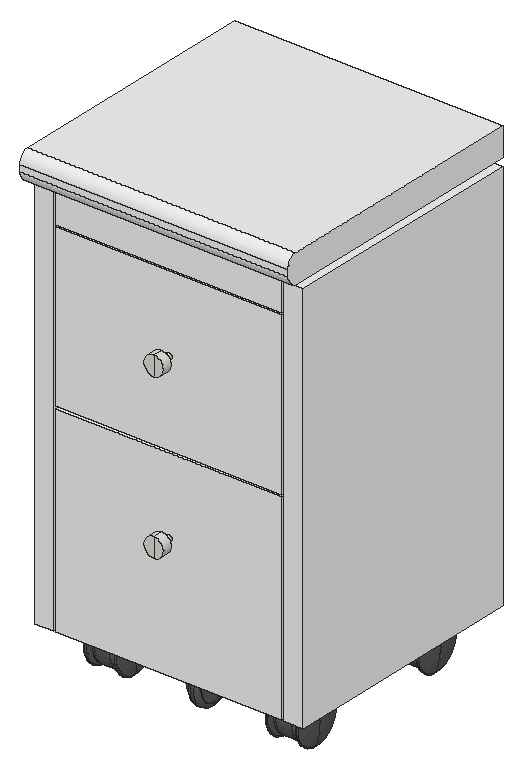
Revit family
Parameters (values of type "DB 3020N 02 W515*D550*H700")
  폭 = 281 mm
  Assembly Code = ""
  Manufacturer = "Livart"
  Model = "DB 3020N"
  wheel support material = many gray plastic
  wheel material = many gray plastic
  upper face material = 스틸-그릴
  side material = 스틸-그릴
  knob material = Chrome, 2
  face material = 스틸-그릴
  drawer material = 스틸-그릴
  Width = 280 mm
  Height = 500 mm
Reference planes
  plane 1 "중심(앞/뒤)": y = 0
  plane 2: z = 0
  plane 3 "중심(왼쪽/오른쪽)": x = 0
  plane 4: y = 140.5
  plane 5: y = -140.5
  plane 6: x = -140
  plane 7: x = 140
  plane 8: z = 500
  plane 9: x = -120
  plane 10: x = 120
  plane 11: z = 470
  plane 12: z = 430
  plane 13: z = 50
  plane 14: z = 70
  plane 15: y = 130.5
  plane 16: y = 123.5
  plane 17: y = -120.5
  plane 18: z = 431
  plane 19: z = 429
  plane 20: z = 260
  plane 21: z = 261
  plane 22: z = 259
  plane 23: x = -118
  plane 24: x = 118
  plane 25: y = -102.5
Forms (mm)
  Extrusion 1, solid, material "스틸-그릴" <- "side material"
    sketch origin (0, 0, 0) x (1, 0, 0) y (0, 1, 0)
      loop
        line (-140, 140.5) -> (-140, -120.5) -> (-120, -120.5) -> (-120, 140.5) -> (-140, 140.5)
    from 50 to 470
  Extrusion 2, solid, material "스틸-그릴" <- "side material"
    sketch origin (0, 0, 0) x (-1, 0, 0) y (0, -1, 0)
      loop
        line (-140, -140.5) -> (-120, -140.5) -> (-120, 120.5) -> (-140, 120.5) -> (-140, -140.5)
    from 50 to 461.547
  Extrusion 3, solid, material "스틸-그릴" <- "face material"
    sketch origin (0, 0, 0) x (1, 0, 0) y (0, 1, 0)
      loop
        line (-120, 130.5) -> (-120, 123.5) -> (120, 123.5) -> (120, 130.5) -> (-120, 130.5)
    from 70 to 470
  Extrusion 4, solid, material "스틸-그릴" <- "upper face material"
    sketch origin (0, 0, 0) x (0, 1, 0) y (0, 0, 1)
      loop
        line (140.5, 70) -> (-102.5, 70) -> (-102.5, 50) -> (140.5, 50) -> (140.5, 70)
    from -120 to 120
  Extrusion 5, solid, material "스틸-그릴" <- "upper face material"
    sketch origin (0, 0, 0) x (0, 1, 0) y (0, 0, 1)
      loop
        line (140.5, 500) -> (-130.5, 500)
        arc (-130.5, 500) -> (-137.76, 495.804) -> (-140.5, 487.88) r 12
        line (-140.5, 487.88) -> (-140.5, 481.88)
        arc (-140.5, 481.88) -> (-137.681, 474.104) -> (-130.5, 470) r 12
        line (-130.5, 470) -> (140.5, 470) -> (140.5, 500)
    from -140 to 140
  Extrusion 6, solid, material "스틸-그릴" <- "drawer material"
    sketch origin (0, 0, 0) x (1, 0, 0) y (0, 0, 1)
      loop
        line (-118, 429) -> (-118, 261) -> (118, 261) -> (118, 429) -> (-118, 429)
    from 102.5 to 120.5
  Extrusion 7, solid, material "스틸-그릴" <- "drawer material"
    sketch origin (0, 0, 820) x (1, 0, 0) y (0, 0, 1)
      loop
        line (-118, -770) -> (118, -770) -> (118, -561) -> (-118, -561) -> (-118, -770)
    from 102.5 to 120.5
  Extrusion 8, solid, material "스틸-그릴" <- "drawer material"
    sketch origin (0, 0, 1158) x (1, 0, 0) y (0, 0, 1)
      loop
        line (-118, -727) -> (118, -727) -> (118, -696.453) -> (-118, -696.453) -> (-118, -727)
    from 102.5 to 120.5
  Revolve 9, solid, material "many gray plastic" <- "wheel material"
    sketch origin (-13.917, -67.316, 0) x (1, 0, 0) y (0, 0, 1)
      loop
        arc (-98.023, 49.222) -> (-100.622, 37.235) -> (-101.495, 25) r 86.232
        line (-101.495, 25) -> (-93.434, 25)
        arc (-93.434, 25) -> (-93.954, 37.155) -> (-95.509, 49.222) r 142.408
        arc (-95.509, 49.222) -> (-96.058, 49.741) -> (-96.766, 50) r 1.868
        arc (-96.766, 50) -> (-97.475, 49.741) -> (-98.023, 49.222) r 1.868
      loop
        arc (-63.842, 49.222) -> (-64.39, 49.741) -> (-65.098, 50) r 1.868
        arc (-65.098, 50) -> (-65.807, 49.741) -> (-66.355, 49.222) r 1.868
        arc (-66.355, 49.222) -> (-67.911, 37.155) -> (-68.43, 25) r 142.408
        line (-68.43, 25) -> (-60.37, 25)
        arc (-60.37, 25) -> (-61.242, 37.235) -> (-63.842, 49.222) r 86.232
      axis (-101.495, 25) -> (-60.37, 25)
    angle from 0 to 360
  Revolve 10, solid, material "many gray plastic" <- "wheel support material"
    sketch origin (-13.917, -67.316, 0) x (1, 0, 0) y (0, 0, 1)
      loop
        line (-93.434, 25) -> (-68.43, 25) -> (-68.43, 42.425)
        arc (-68.43, 42.425) -> (-69.709, 45.513) -> (-72.798, 46.793) r 4.368
        line (-72.798, 46.793) -> (-89.067, 46.793)
        arc (-89.067, 46.793) -> (-92.155, 45.513) -> (-93.434, 42.425) r 4.368
        line (-93.434, 42.425) -> (-93.434, 25)
      axis (-93.434, 25) -> (-68.43, 25)
    angle from 0 to 360
  Revolve 11, solid, material "many gray plastic" <- "wheel support material"
    sketch origin (173.581, -68.439, -3.207) x (1, 0, 0) y (0, 0, 1)
      loop
        line (-179.432, 25) -> (-167.432, 25) -> (-167.432, 42.425)
        arc (-167.432, 42.425) -> (-168.712, 45.513) -> (-171.8, 46.793) r 4.368
        line (-171.8, 46.793) -> (-175.065, 46.793)
        arc (-175.065, 46.793) -> (-178.153, 45.513) -> (-179.432, 42.425) r 4.368
        line (-179.432, 42.425) -> (-179.432, 25)
      axis (-179.432, 25) -> (-167.432, 25)
    angle from 0 to 360
  Extrusion 12, solid, material "many gray plastic" <- "wheel material"
    sketch origin (6.148, -205.519, 0) x (0, 1, 0) y (0, 0, 1)
      loop
        line (151.61, 50) -> (111.93, 50) -> (119.336, 17.921)
        arc (119.336, 17.921) -> (131.77, 8.53) -> (144.204, 17.921) r 12.927
        line (144.204, 17.921) -> (151.61, 50)
      loop
        circle (131.58, 20.388) r 3.987
    from 0 to 2
  Extrusion 13, solid, material "many gray plastic" <- "wheel material"
    sketch origin (-5.852, -205.519, 0) x (0, 1, 0) y (0, 0, -1)
      loop
        line (151.61, -50) -> (144.204, -17.921)
        arc (144.204, -17.921) -> (131.77, -8.53) -> (119.336, -17.921) r 12.927
        line (119.336, -17.921) -> (111.93, -50) -> (151.61, -50)
      loop
        circle (131.58, -20.388) r 3.987
    from 0 to 2
  Revolve 14, solid, material "many gray plastic" <- "wheel material"
    sketch origin (13.917, -67.316, 0) x (-1, 0, 0) y (0, 0, -1)
      loop
        arc (-98.023, -49.222) -> (-97.475, -49.741) -> (-96.766, -50) r 1.868
        arc (-96.766, -50) -> (-96.058, -49.741) -> (-95.509, -49.222) r 1.868
        arc (-95.509, -49.222) -> (-93.954, -37.155) -> (-93.434, -25) r 142.408
        line (-93.434, -25) -> (-101.495, -25)
        arc (-101.495, -25) -> (-100.622, -37.235) -> (-98.023, -49.222) r 86.232
      loop
        arc (-63.842, -49.222) -> (-61.242, -37.235) -> (-60.37, -25) r 86.232
        line (-60.37, -25) -> (-68.43, -25)
        arc (-68.43, -25) -> (-67.911, -37.155) -> (-66.355, -49.222) r 142.408
        arc (-66.355, -49.222) -> (-65.807, -49.741) -> (-65.098, -50) r 1.868
        arc (-65.098, -50) -> (-64.39, -49.741) -> (-63.842, -49.222) r 1.868
      axis (-101.495, -25) -> (-60.37, -25)
    angle from 0 to 360
  Revolve 15, solid, material "many gray plastic" <- "wheel support material"
    sketch origin (13.917, -67.316, 0) x (-1, 0, 0) y (0, 0, -1)
      loop
        line (-93.434, -25) -> (-93.434, -42.425)
        arc (-93.434, -42.425) -> (-92.155, -45.513) -> (-89.067, -46.793) r 4.368
        line (-89.067, -46.793) -> (-72.798, -46.793)
        arc (-72.798, -46.793) -> (-69.709, -45.513) -> (-68.43, -42.425) r 4.368
        line (-68.43, -42.425) -> (-68.43, -25) -> (-93.434, -25)
      axis (-93.434, -25) -> (-68.43, -25)
    angle from 0 to 360
  Revolve 16, solid, material "many gray plastic" <- "wheel material"
    sketch origin (13.917, 89.931, 0) x (-1, 0, 0) y (0, 0, 1)
      loop
        arc (-98.023, 49.222) -> (-100.622, 37.235) -> (-101.495, 25) r 86.232
        line (-101.495, 25) -> (-93.434, 25)
        arc (-93.434, 25) -> (-93.954, 37.155) -> (-95.509, 49.222) r 142.408
        arc (-95.509, 49.222) -> (-96.058, 49.741) -> (-96.766, 50) r 1.868
        arc (-96.766, 50) -> (-97.475, 49.741) -> (-98.023, 49.222) r 1.868
      loop
        arc (-63.842, 49.222) -> (-64.39, 49.741) -> (-65.098, 50) r 1.868
        arc (-65.098, 50) -> (-65.807, 49.741) -> (-66.355, 49.222) r 1.868
        arc (-66.355, 49.222) -> (-67.911, 37.155) -> (-68.43, 25) r 142.408
        line (-68.43, 25) -> (-60.37, 25)
        arc (-60.37, 25) -> (-61.242, 37.235) -> (-63.842, 49.222) r 86.232
      axis (-101.495, 25) -> (-60.37, 25)
    angle from 0 to 360
  Revolve 17, solid, material "many gray plastic" <- "wheel support material"
    sketch origin (13.917, 89.931, 0) x (-1, 0, 0) y (0, 0, 1)
      loop
        line (-93.434, 25) -> (-68.43, 25) -> (-68.43, 42.425)
        arc (-68.43, 42.425) -> (-69.709, 45.513) -> (-72.798, 46.793) r 4.368
        line (-72.798, 46.793) -> (-89.067, 46.793)
        arc (-89.067, 46.793) -> (-92.155, 45.513) -> (-93.434, 42.425) r 4.368
        line (-93.434, 42.425) -> (-93.434, 25)
      axis (-93.434, 25) -> (-68.43, 25)
    angle from 0 to 360
  Revolve 18, solid, material "many gray plastic" <- "wheel material"
    sketch origin (-13.917, 89.931, 0) x (1, 0, 0) y (0, 0, -1)
      loop
        arc (-98.023, -49.222) -> (-97.475, -49.741) -> (-96.766, -50) r 1.868
        arc (-96.766, -50) -> (-96.058, -49.741) -> (-95.509, -49.222) r 1.868
        arc (-95.509, -49.222) -> (-93.954, -37.155) -> (-93.434, -25) r 142.408
        line (-93.434, -25) -> (-101.495, -25)
        arc (-101.495, -25) -> (-100.622, -37.235) -> (-98.023, -49.222) r 86.232
      loop
        arc (-63.842, -49.222) -> (-61.242, -37.235) -> (-60.37, -25) r 86.232
        line (-60.37, -25) -> (-68.43, -25)
        arc (-68.43, -25) -> (-67.911, -37.155) -> (-66.355, -49.222) r 142.408
        arc (-66.355, -49.222) -> (-65.807, -49.741) -> (-65.098, -50) r 1.868
        arc (-65.098, -50) -> (-64.39, -49.741) -> (-63.842, -49.222) r 1.868
      axis (-101.495, -25) -> (-60.37, -25)
    angle from 0 to 360
  Revolve 19, solid, material "many gray plastic" <- "wheel support material"
    sketch origin (-13.917, 89.931, 0) x (1, 0, 0) y (0, 0, -1)
      loop
        line (-93.434, -25) -> (-93.434, -42.425)
        arc (-93.434, -42.425) -> (-92.155, -45.513) -> (-89.067, -46.793) r 4.368
        line (-89.067, -46.793) -> (-72.798, -46.793)
        arc (-72.798, -46.793) -> (-69.709, -45.513) -> (-68.43, -42.425) r 4.368
        line (-68.43, -42.425) -> (-68.43, -25) -> (-93.434, -25)
      axis (-93.434, -25) -> (-68.43, -25)
    angle from 0 to 360
  Revolve 20, solid, material "Chrome, 2" <- "knob material"
    sketch origin (0, 0, 0) x (0, 1, 0) y (0, 0, 1)
      loop
        line (-140.5, 349.043) -> (-120.5, 349.043) -> (-120.5, 352.043) -> (-130.5, 352.043) -> (-130.5, 359.043) -> (-140.5, 359.043) -> (-140.5, 349.043)
      axis (-120.5, 349.043) -> (-140.5, 349.043)
    angle from 0 to 360
  Revolve 21, solid, material "Chrome, 2" <- "knob material"
    sketch origin (0, 0, -170) x (0, 1, 0) y (0, 0, 1)
      loop
        line (-140.5, 349.043) -> (-120.5, 349.043) -> (-120.5, 352.043) -> (-130.5, 352.043) -> (-130.5, 359.043) -> (-140.5, 359.043) -> (-140.5, 349.043)
      axis (-120.5, 349.043) -> (-140.5, 349.043)
    angle from 0 to 360
Dimensions and locks
  equal spacing: plane 6, plane 3 "중심(왼쪽/오른쪽)", plane 7
  "Width": plane 6 to plane 7
  equal spacing: plane 5, plane 1 "중심(앞/뒤)", plane 4
  "Height": plane 8 to level
  locked: plane 6 to plane 9 at 20
  locked: plane 9 to plane 23 at 2
  locked: plane 24 to plane 10 at 2
  locked: plane 10 to plane 7 at 20
  locked: plane 15 to plane 4 at 10
  locked: plane 16 to plane 15 at 7
  locked: plane 17 to plane 25 at 18
  locked: plane 5 to plane 17 at 20
  locked: plane 8 to plane 11 at 30
  locked: plane 11 to plane 12 at 40
  locked: plane 14 to plane 13 at 20
  locked: plane 13 to level at 50
  locked: plane 18 to plane 12 at 1
  locked: plane 12 to plane 19 at 1
  locked: plane 21 to plane 20 at 1
  locked: plane 20 to plane 22 at 1
  locked: plane 19 to plane 21 at 168
  "폭": plane 5 to plane 4
  aligned and locked: Revolve 9 to Revolve 9
  aligned and locked: Revolve 10 to Revolve 10
  aligned and locked: Revolve 11 to Revolve 11
  aligned and locked: Revolve 14 to Revolve 14
  aligned and locked: Revolve 15 to Revolve 15
  aligned and locked: Revolve 16 to Revolve 16
  aligned and locked: Revolve 17 to Revolve 17
  aligned and locked: Revolve 18 to Revolve 18
  aligned and locked: Revolve 19 to Revolve 19
  aligned and locked: plane 4 to Extrusion 5
  aligned and locked: plane 6 to Extrusion 5  (x2)
  aligned and locked: plane 7 to Extrusion 5  (x2)
  aligned and locked: plane 5 to Extrusion 5
  aligned and locked: plane 9 to Extrusion 1
  aligned and locked: plane 10 to Extrusion 2
  aligned and locked: plane 10 to Extrusion 3
  aligned and locked: plane 9 to Extrusion 3
  aligned and locked: plane 6 to Extrusion 1
  aligned and locked: plane 7 to Extrusion 2
  aligned and locked: plane 17 to Extrusion 8
  aligned and locked: plane 17 to Extrusion 6
  aligned and locked: plane 17 to Extrusion 7
  aligned and locked: plane 25 to Extrusion 7
  aligned and locked: plane 25 to Extrusion 6
  aligned and locked: plane 25 to Extrusion 8
  aligned and locked: plane 15 to Extrusion 3
  aligned and locked: plane 16 to Extrusion 3
  aligned and locked: Extrusion 1 to Extrusion 2
  aligned and locked: plane 18 to Extrusion 8
  aligned and locked: plane 19 to Extrusion 6
  aligned and locked: Extrusion 2 to Extrusion 8
  aligned and locked: plane 21 to Extrusion 6
  aligned and locked: plane 22 to Extrusion 7
  aligned and locked: plane 13 to Extrusion 7
  aligned and locked: plane 25 to Extrusion 4
  aligned and locked: plane 4 to Extrusion 4
  aligned and locked: Extrusion 1 to plane 11
  aligned and locked: Extrusion 3 to plane 11
  aligned and locked: plane 9 to Extrusion 4
  aligned and locked: Extrusion 4 to plane 10
  aligned and locked: plane 17 to Revolve 20
  aligned and locked: plane 5 to Revolve 20
  aligned and locked: plane 5 to Revolve 21
  aligned and locked: plane 17 to Revolve 21
Automatic sketch dimensions
  Extrusion 1 sketch curve to plane 6 = 0 mm
  Extrusion 1 sketch curve to plane 9 = 0 mm
  Extrusion 1 sketch curve to plane 17 = 0 mm
  Extrusion 1 sketch curve to plane 4 = 0 mm
  Extrusion 2 sketch curve to plane 7 = 0 mm
  Extrusion 2 sketch curve to plane 10 = 0 mm
  Extrusion 2 sketch curve to plane 4 = 0 mm
  Extrusion 2 sketch curve to plane 17 = 0 mm
  Extrusion 3 sketch curve to plane 9 = 0 mm
  Extrusion 3 sketch curve to plane 10 = 0 mm
  Extrusion 3 sketch curve to plane 16 = 0 mm
  Extrusion 3 sketch curve to plane 15 = 0 mm
  Extrusion 4 sketch curve to plane 14 = 0 mm
  Extrusion 4 sketch curve to plane 4 = 0 mm
  Extrusion 4 sketch curve to plane 13 = 0 mm
  Extrusion 5 sketch curve to plane 5 = 0 mm
  Extrusion 5 sketch curve to plane 11 = 0 mm
  Extrusion 5 sketch curve to plane 8 = 0 mm
  Extrusion 5 sketch curve to plane 4 = 0 mm
  Extrusion 5 sketch curve to plane 5 = 10 mm  (x2)
  Extrusion 5 sketch curve to Extrusion 5 sketch curve = 11.997 mm
  Extrusion 5 sketch curve to Extrusion 5 sketch curve = 0.003 mm
  Extrusion 5 sketch curve to Extrusion 5 sketch curve = 11.832 mm
  Extrusion 5 sketch curve to Extrusion 5 sketch curve = 6 mm
  Extrusion 6 sketch curve to plane 21 = 0 mm
  Extrusion 6 sketch curve to plane 23 = 0 mm
  Extrusion 6 sketch curve to plane 24 = 0 mm
  Extrusion 6 sketch curve to plane 19 = 0 mm
  Extrusion 7 sketch curve to plane 22 = 0 mm
  Extrusion 7 sketch curve to plane 23 = 0 mm
  Extrusion 7 sketch curve to plane 24 = 0 mm
  Extrusion 7 sketch curve to plane 13 = 0 mm
  plane 11 to Extrusion 8 sketch curve = 8.453 mm
  Extrusion 8 sketch curve to plane 23 = 0 mm
  Extrusion 8 sketch curve to plane 24 = 0 mm
  Extrusion 8 sketch curve to plane 18 = 0 mm
  Revolve 9 sketch curve to plane 13 = 0 mm  (x2)
  plane 6 to Revolve 9 sketch curve = 109.76 mm
  plane 6 to Revolve 9 sketch curve = 20.519 mm
  plane 9 to Revolve 9 sketch curve = 7.329 mm
  Revolve 9 sketch curve to plane 23 = 2.588 mm
  plane 13 to Revolve 9 sketch curve = 0.778 mm  (x2)
  Revolve 9 sketch curve to Revolve 9 sketch curve = 3.472 mm
  Revolve 9 sketch curve to Revolve 9 sketch curve = 0.982 mm  (x4)
  Revolve 9 sketch curve to Revolve 9 sketch curve = 1.257 mm  (x2)
  Revolve 9 sketch curve to Revolve 9 sketch curve = 0.55 mm  (x2)
  Revolve 9 sketch curve to Revolve 9 sketch curve = 8.06 mm  (x2)
  Revolve 9 sketch curve to Revolve 9 sketch curve = 25.004 mm
  Revolve 9 sketch curve to Revolve 9 sketch curve = 2.075 mm
  Revolve 9 sketch curve to Revolve 9 sketch curve = 10.43 mm
  level to Revolve 9 sketch curve = 25 mm  (x2)
  Revolve 9 sketch curve to Revolve 9 sketch curve = 0 mm
  Revolve 10 sketch curve to plane 23 = 5.647 mm
  Revolve 10 sketch curve to plane 23 = 10.648 mm
  Revolve 10 sketch curve to Revolve 10 sketch curve = 4.368 mm  (x2)
  plane 13 to Revolve 10 sketch curve = 7.575 mm
  Revolve 10 sketch curve to Revolve 10 sketch curve = 16.269 mm
  Revolve 10 sketch curve to Revolve 10 sketch curve = 16.327 mm
  Revolve 10 sketch curve to Revolve 10 sketch curve = 17.425 mm
  Revolve 10 sketch curve to Revolve 10 sketch curve = 0 mm
  Revolve 11 sketch curve to plane 3 "중심(왼쪽/오른쪽)" = 17.355 mm
  Revolve 11 sketch curve to plane 3 "중심(왼쪽/오른쪽)" = 5.852 mm
  Revolve 11 sketch curve to plane 3 "중심(왼쪽/오른쪽)" = 1.484 mm
  plane 3 "중심(왼쪽/오른쪽)" to Revolve 11 sketch curve = 1.781 mm
  plane 3 "중심(왼쪽/오른쪽)" to Revolve 11 sketch curve = 6.148 mm
  Revolve 11 sketch curve to Revolve 11 sketch curve = 22.829 mm
  level to Revolve 11 sketch curve = 21.793 mm
  Revolve 11 sketch curve to Revolve 11 sketch curve = 0 mm
  plane 13 to Revolve 11 sketch curve = 10.782 mm
  Extrusion 12 sketch curve to plane 13 = 0 mm
  Extrusion 12 sketch curve to Extrusion 12 sketch curve = 12.243 mm
  Extrusion 12 sketch curve to Extrusion 12 sketch curve = 0.191 mm
  Extrusion 12 sketch curve to Extrusion 12 sketch curve = 12.624 mm
  Extrusion 12 sketch curve to Extrusion 12 sketch curve = 7.406 mm
  level to Extrusion 12 sketch curve = 21.457 mm
  Extrusion 12 sketch curve to Extrusion 12 sketch curve = 1.069 mm
  Extrusion 12 sketch curve to Extrusion 12 sketch curve = 2.467 mm
  Extrusion 13 sketch curve to plane 13 = 0 mm
  Extrusion 13 sketch curve to Extrusion 13 sketch curve = 12.243 mm
  Extrusion 13 sketch curve to Extrusion 13 sketch curve = 0.191 mm
  Extrusion 13 sketch curve to Extrusion 13 sketch curve = 12.624 mm
  Extrusion 13 sketch curve to Extrusion 13 sketch curve = 7.406 mm
  level to Extrusion 13 sketch curve = 21.457 mm
  Extrusion 13 sketch curve to Extrusion 13 sketch curve = 1.069 mm
  Extrusion 13 sketch curve to Extrusion 13 sketch curve = 2.467 mm
  Revolve 14 sketch curve to plane 13 = 0 mm  (x2)
  Revolve 14 sketch curve to plane 7 = 109.76 mm
  Revolve 14 sketch curve to plane 7 = 20.519 mm
  Revolve 14 sketch curve to plane 10 = 7.329 mm
  plane 24 to Revolve 14 sketch curve = 2.588 mm
  plane 13 to Revolve 14 sketch curve = 0.778 mm  (x2)
  Revolve 14 sketch curve to Revolve 14 sketch curve = 3.472 mm
  Revolve 14 sketch curve to Revolve 14 sketch curve = 0.982 mm  (x4)
  Revolve 14 sketch curve to Revolve 14 sketch curve = 1.257 mm  (x2)
  Revolve 14 sketch curve to Revolve 14 sketch curve = 0.55 mm  (x2)
  Revolve 14 sketch curve to Revolve 14 sketch curve = 8.06 mm  (x2)
  Revolve 14 sketch curve to Revolve 14 sketch curve = 25.004 mm
  Revolve 14 sketch curve to Revolve 14 sketch curve = 2.075 mm
  Revolve 14 sketch curve to Revolve 14 sketch curve = 10.43 mm
  level to Revolve 14 sketch curve = 25 mm  (x2)
  Revolve 14 sketch curve to Revolve 14 sketch curve = 0 mm
  plane 24 to Revolve 15 sketch curve = 5.647 mm
  plane 24 to Revolve 15 sketch curve = 10.648 mm
  Revolve 15 sketch curve to Revolve 15 sketch curve = 4.368 mm  (x2)
  plane 13 to Revolve 15 sketch curve = 7.575 mm
  Revolve 15 sketch curve to Revolve 15 sketch curve = 16.269 mm
  Revolve 15 sketch curve to Revolve 15 sketch curve = 16.327 mm
  Revolve 15 sketch curve to Revolve 15 sketch curve = 17.425 mm
  Revolve 15 sketch curve to Revolve 15 sketch curve = 0 mm
  Revolve 16 sketch curve to plane 13 = 0 mm  (x2)
  Revolve 16 sketch curve to plane 7 = 109.76 mm
  Revolve 16 sketch curve to plane 7 = 20.519 mm
  Revolve 16 sketch curve to plane 10 = 7.329 mm
  plane 24 to Revolve 16 sketch curve = 2.588 mm
  plane 13 to Revolve 16 sketch curve = 0.778 mm  (x2)
  Revolve 16 sketch curve to Revolve 16 sketch curve = 3.472 mm
  Revolve 16 sketch curve to Revolve 16 sketch curve = 0.982 mm  (x4)
  Revolve 16 sketch curve to Revolve 16 sketch curve = 1.257 mm  (x2)
  Revolve 16 sketch curve to Revolve 16 sketch curve = 0.55 mm  (x2)
  Revolve 16 sketch curve to Revolve 16 sketch curve = 8.06 mm  (x2)
  Revolve 16 sketch curve to Revolve 16 sketch curve = 25.004 mm
  Revolve 16 sketch curve to Revolve 16 sketch curve = 2.075 mm
  Revolve 16 sketch curve to Revolve 16 sketch curve = 10.43 mm
  level to Revolve 16 sketch curve = 25 mm  (x2)
  Revolve 16 sketch curve to Revolve 16 sketch curve = 0 mm
  plane 24 to Revolve 17 sketch curve = 5.647 mm
  plane 24 to Revolve 17 sketch curve = 10.648 mm
  Revolve 17 sketch curve to Revolve 17 sketch curve = 4.368 mm  (x2)
  plane 13 to Revolve 17 sketch curve = 7.575 mm
  Revolve 17 sketch curve to Revolve 17 sketch curve = 16.269 mm
  Revolve 17 sketch curve to Revolve 17 sketch curve = 16.327 mm
  Revolve 17 sketch curve to Revolve 17 sketch curve = 17.425 mm
  Revolve 17 sketch curve to Revolve 17 sketch curve = 0 mm
  Revolve 18 sketch curve to plane 13 = 0 mm  (x2)
  plane 6 to Revolve 18 sketch curve = 109.76 mm
  plane 6 to Revolve 18 sketch curve = 20.519 mm
  plane 9 to Revolve 18 sketch curve = 7.329 mm
  Revolve 18 sketch curve to plane 23 = 2.588 mm
  plane 13 to Revolve 18 sketch curve = 0.778 mm  (x2)
  Revolve 18 sketch curve to Revolve 18 sketch curve = 3.472 mm
  Revolve 18 sketch curve to Revolve 18 sketch curve = 0.982 mm  (x4)
  Revolve 18 sketch curve to Revolve 18 sketch curve = 1.257 mm  (x2)
  Revolve 18 sketch curve to Revolve 18 sketch curve = 0.55 mm  (x2)
  Revolve 18 sketch curve to Revolve 18 sketch curve = 8.06 mm  (x2)
  Revolve 18 sketch curve to Revolve 18 sketch curve = 25.004 mm
  Revolve 18 sketch curve to Revolve 18 sketch curve = 2.075 mm
  Revolve 18 sketch curve to Revolve 18 sketch curve = 10.43 mm
  level to Revolve 18 sketch curve = 25 mm  (x2)
  Revolve 18 sketch curve to Revolve 18 sketch curve = 0 mm
  Revolve 19 sketch curve to plane 23 = 5.647 mm
  Revolve 19 sketch curve to plane 23 = 10.648 mm
  Revolve 19 sketch curve to Revolve 19 sketch curve = 4.368 mm  (x2)
  plane 13 to Revolve 19 sketch curve = 7.575 mm
  Revolve 19 sketch curve to Revolve 19 sketch curve = 16.269 mm
  Revolve 19 sketch curve to Revolve 19 sketch curve = 16.327 mm
  Revolve 19 sketch curve to Revolve 19 sketch curve = 17.425 mm
  Revolve 19 sketch curve to Revolve 19 sketch curve = 0 mm
  Extrusion 4 sketch curve to plane 25 = 0 mm
  Extrusion 12 sketch curve to plane 25 = 8.911 mm
  Extrusion 12 sketch curve to plane 25 = 16.317 mm
  Extrusion 13 sketch curve to plane 25 = 8.911 mm
  Extrusion 13 sketch curve to plane 25 = 16.317 mm
  Revolve 20 sketch curve to plane 5 = 0 mm
  Revolve 20 sketch curve to plane 17 = 0 mm
  Revolve 20 sketch curve to Revolve 20 sketch curve = 32.024 mm
  Revolve 20 sketch curve to plane 5 = 10 mm
  Revolve 20 sketch curve to plane 25 = 29.976 mm
  plane 19 to Revolve 20 sketch curve = 79.957 mm
  Revolve 20 sketch curve to Revolve 20 sketch curve = 0 mm
  Revolve 20 sketch curve to Revolve 20 sketch curve = 3 mm
  Revolve 20 sketch curve to Revolve 20 sketch curve = 7 mm
  Revolve 21 sketch curve to plane 5 = 0 mm
  Revolve 21 sketch curve to plane 17 = 0 mm
  Revolve 21 sketch curve to Revolve 21 sketch curve = 32.024 mm
  Revolve 21 sketch curve to plane 5 = 10 mm
  Revolve 21 sketch curve to plane 25 = 29.976 mm
  plane 22 to Revolve 21 sketch curve = 79.957 mm
  Revolve 21 sketch curve to Revolve 21 sketch curve = 0 mm
  Revolve 21 sketch curve to Revolve 21 sketch curve = 3 mm
  Revolve 21 sketch curve to Revolve 21 sketch curve = 7 mm
  radius of Extrusion 12 sketch curve = 3.987 mm
  radius of Extrusion 13 sketch curve = 3.987 mm
